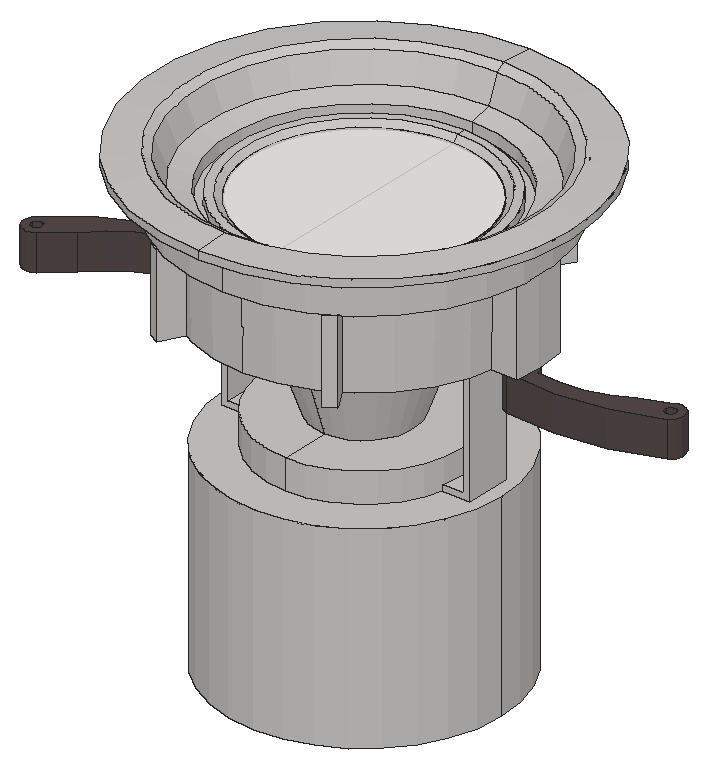
Revit family "CLighting-Luminii-Artemis_2_D", category Lighting Fixtures, host Face, Revit 2020
Family settings
  Host = Face
  Round Connector Dimension = Use Diameter
  Part Type = Normal
  OmniClass Number = 23.80.70.11.14.21
  OmniClass Title = Spots and Tracklight Specialties
  Cut with Voids When Loaded = No
  Light Source = Yes
  Shared = Yes
  Room Calculation Point = No
Parameters (values of type "Artemis 2")
  Width = 4.13"  # constant formula
  Wattage Comments = "7.4W"
  Wattage = 7.10011 W
  Warranty URL = "https://www.luminii.com/terms-conditions/"
  built-in parameter 1150110 = 1 (stored number, unit not read)
  Voltage Comments = "120V | 277V | 347V"  # constant formula
  Voltage = 120 V
  Version = "2020 - v1.0a"  # constant formula
  URL = "https://www.luminii.com/"
  built-in parameter 1114217 = 1 (stored number, unit not read)
  Tilt Angle = -90.00°  # constant formula
  built-in parameter 1150109 = 1 (stored number, unit not read)
  built-in parameter 1150134 = (empty or 0)
  built-in parameter 1150113 = 1 (stored number, unit not read)
  Support Phone = "224-699-9545"  # constant formula
  Support Email = "mailto:support@bimsmith.com"
  Product Page URL = "https://www.luminii.com/product/artemis-2-d-fl/"
  Power Source Type = "Driver"  # constant formula
  Power Factor = 1
  Photometric Web File = "AR2D-XX-A90-660-30-15-00.ies"
  Phase = 1
  Operating Temperature = "Consult Manufacturer Website for more Information"  # constant formula
  Number of Poles = if(and(or(Voltage = 120 V, Voltage = 277 V), Phase = 1), 1, if(and(or(Voltage = 208 V, Voltage = 240 V), Phase = 1), 2, if(and(or(Voltage = 208 V, Voltage = 240 V), Phase = 3), 3, if(and(Voltage > 300 V, Phase = 1), 2, if(and(Voltage > 400 V, Phase = 3), 3, 1)))))  # 1
  Mounting Method = "Recessed Ceiling Mount"  # constant formula
  Model = "AR2D"  # constant formula
  Manufacturer Phone Number = "403-216-7043"  # constant formula
  Manufacturer Email = "mailto: info@sensolighting.com"
  Manufacturer Address = "302 50 Ave SE. Calgary, Alberta, T2G 2A9 Canada"  # constant formula
  Manufacturer = "Luminii"  # constant formula
  built-in parameter 1150105 = 55.704 (stored number, unit not read)
  Lumens = 700 lm
  Luminaire Type = "Recessed LED Downlight"  # constant formula
  built-in parameter 1150115 = 1 (stored number, unit not read)
  Load Classification = Lighting
  built-in parameter 1150137 = (empty or 0)
  built-in parameter 1150139 = (empty or 0)
  Lens Material = Plastic - Luminii - Frosted Lens
  Length = 4.45"  # constant formula
  built-in parameter 1150112 = 1 (stored number, unit not read)
  built-in parameter 1150114 = 1 (stored number, unit not read)
  Lamp Life = 1
  Lamp = "LED"  # constant formula
  Keynote = "26 50 00"
  built-in parameter 1150132 = 2
  built-in parameter 1150102 = (empty or 0)
  built-in parameter 1150107 = 3500 (stored number, unit not read)
  Initial Color Comments = "Perfomance based on 3500K Photometric Web File"  # constant formula
  built-in parameter 1150138 = (empty or 0)
  built-in parameter 1150106 = 0.55704 (stored number, unit not read)
  Housing Protection Rating = "Consult Manufacturer Website for more Information"  # constant formula
  Has Dimming = 1 = 1  # yes
  Has Battery Backup = 0 = 1  # no
  Frequency Comments = ""  # constant formula
  Frequency = 60 Hz
  Finish = Metal - Luminii - Silver Anodized Aluminum
  Environment = "Indoor"  # constant formula
  built-in parameter 1150104 = 9.1593 (stored number, unit not read)
  Dimming Type = "Consult Manufacturer Website for more Information"  # constant formula
  Dimming Lamp Color Temperature Shift = <None>
  Description = "2 inch aperture downlight"  # constant formula
  Depth = 4.13"  # constant formula
  Default Elevation = 0.00"  # constant formula
  Current Amps = 50 A
  Copyright = "©2023 Luminii"  # constant formula
  Control Zone = "Consult Manufacturer Website for more Information"  # constant formula
  Control Type = "Consult Manufacturer Website for more Information"  # constant formula
  Constraints = 1  # constant formula
  Color Filter = 16777215
  built-in parameter 1114216 [instance] = 0  # (empty or 0)
  built-in parameter 1140040 [instance] = 1 = 1  # 1
  CCT = "3500K"
  built-in parameter 1114218 = 1 (stored number, unit not read)
  built-in parameter 1150133 = 10 (stored number, unit not read)
  Assembly Code = "D5020230"
  Apparent Load = Wattage / Power Factor  # 7.10011 VA
Reference planes (in)
  plane 1 "Center (Front/Back)": y = 0
  plane 2: z = 0
  plane 3 "Center (Left/Right)": x = 0
  plane 4: x = 0
  plane 5: x = 0
  plane 6: y = 2.065
  plane 7: y = -2.065
  plane 8: z = -4.51477
Forms (in)
  Extrusion 1, solid, material "Metal - Luminii - Silver Anodized Aluminum", not visible
    sketch origin (0, 0, 0) x (1, 0, 0) y (0, 1, 0)
      loop
        circle (0, 0) r 0.5
    from -4.51477 to -4.25
  Extrusion 2, void
    sketch origin (0, 1.24288, 2.36) x (0, 1, 0) y (-1, 0, 0)
      loop
        circle (-1.24288, 0) r 1.775
    from -6.87477 to -2.36
Dimensions and locks (in)
  equal spacing: plane 4, plane 3 "Center (Left/Right)", plane 5
  equal spacing: plane 6, plane 1 "Center (Front/Back)", plane 7
  plane 4 to plane 5 = 0.00"
  "Width": plane 6 to plane 7
  locked: plane 2 to imposter light at 0.34252
  plane 2 to Extrusion 2 = 4.51477"
  aligned and locked: plane 2 to host face
  aligned and locked: plane 3 "Center (Left/Right)" to Extrusion 1 sketch curve
  aligned and locked: plane 1 "Center (Front/Back)" to Extrusion 1 sketch curve
  aligned and locked: imposter light to plane 3 "Center (Left/Right)"
  aligned and locked: imposter light to plane 1 "Center (Front/Back)"
  aligned and locked: plane 3 "Center (Left/Right)" to nested 1
  aligned and locked: plane 1 "Center (Front/Back)" to nested 1
  aligned and locked: plane 3 "Center (Left/Right)" to Extrusion 2 sketch curve
  aligned and locked: plane 1 "Center (Front/Back)" to Extrusion 2 sketch curve
  aligned and locked: level to Extrusion 2
  aligned and locked: Extrusion 2 to nested 1
Automatic sketch dimensions
  host sketch curve to host sketch curve = 96.00"  (x2)
  radius of Extrusion 1 sketch curve = 0.50"
  radius of Extrusion 2 sketch curve = 1.775"
Nested families (in)
  nested 1: "Nested - Lamp" at (0, 0, 0), type "Nested - Lamp"
    with Support Position 1.3189"
Connectors (in)
  electrical at (0, 0, -4.51477), driven by "Number of Poles", driven by "Load Classification", driven by "Voltage", driven by "Apparent Load", driven by "Power Factor"
    settings: on Extrusion 1, index 1, voltage 120 V, apparent load 7.10011 VA, apparent load phase1 0 VA, apparent load phase2 0 VA, apparent load phase3 0 VA, power factor 1, load classification "Lighting", number of poles 1, system type 30, power factor state 1, is connector primary yes, connector utility no, sub classification motor no, connector description "Power Connection"
Definition of nested family "Nested - Lamp"
  Parameters (values of type "Nested - Lamp")
    Support Position = 0.46457"
    Screen Material = none
    Finish = none
    Default Elevation = 48.00"
    Constraint = 1
    20IN = Constraint = 4  # no
    16IN = Constraint = 3  # no
    12IN = Constraint = 2  # no
    10IN = Constraint = 1  # yes
  Reference planes (in)
    plane 1 "Center (Front/Back)": y = 0
    plane 2: z = 0
    plane 3 "Center (Left/Right)": x = 0
    plane 4: z = -0.8189
  Forms (in)
    Extrusion 1, solid
      sketch origin (0, 0, 0) x (1, 0, 0) y (0, 1, 0)
        loop
          line (-48, 48) -> (-48, -48) -> (48, -48) -> (48, 48) -> (-48, 48)
      from 0 to -12
    Revolve 2, solid, material <- "Finish"
      sketch origin (0, 0, -8.94014) x (0, 1, 0) y (0, 0, 1)
        loop
          line (0, 8.58814) -> (0, 6.39388) -> (0.98387, 6.39388) -> (0.98387, 6.68916) -> (0.49139, 6.68916) -> (1.10821, 8.42899) -> (1.10821, 8.58814) -> (0, 8.58814)
        axis (0, 8.58814) -> (0, 6.39388)
      angle from 0 to 360
    Revolve 3, solid, material <- "Finish"
      sketch origin (0, 0, 0.09843) x (0, 1, 0) y (0, 0, 1)
        loop
          line (-1.76361, -0.52362) -> (-1.5349, -0.52362) -> (-1.51606, -1.35039) -> (-1.44476, -1.35039) -> (-1.44476, -0.6811) -> (-1.10821, -0.6811) -> (-1.10821, -0.45042) -> (-1.17581, -0.3937) -> (-1.25567, -0.3937) -> (-1.2598, -0.47244) -> (-1.34397, -0.47244) -> (-1.34783, -0.36199) -> (-1.5545, -0.30662) -> (-1.65937, -0.04705) -> (-1.74224, 0.0008) -> (-2.06709, -0.02192) -> (-2.06709, -0.09843) -> (-1.7733, -0.09843) -> (-1.76361, -0.52362)
        axis (0, 0.0008) -> (0, -1.35039)
      angle from 0 to 360
    Extrusion 4, solid, material <- "Finish", detail levels medium+fine
      sketch origin (0, 0, 0.09843) x (1, 0, 0) y (0, 1, 0)
        loop
          arc (-0.93604, -1.49471) -> (-0.8818, -1.52733) -> (-0.82644, -1.55799) r 1.76361
          line (-0.82644, -1.55799) -> (-0.70831, -1.34042)
          arc (-0.70831, -1.34042) -> (-0.75803, -1.31294) -> (-0.80668, -1.28362) r 1.51606
          line (-0.80668, -1.28362) -> (-0.93604, -1.49471)
        loop
          line (0.70831, -1.34042) -> (0.82644, -1.55799)
          arc (0.82644, -1.55799) -> (0.8818, -1.52733) -> (0.93604, -1.49471) r 1.76361
          line (0.93604, -1.49471) -> (0.80668, -1.28362)
          arc (0.80668, -1.28362) -> (0.75803, -1.31294) -> (0.70831, -1.34042) r 1.51606
        loop
          line (1.4911, -0.27393) -> (1.74221, -0.27393)
          arc (1.74221, -0.27393) -> (1.76361, -0.00232) -> (1.74292, 0.26934) r 1.76361
          line (1.74292, 0.26934) -> (1.49194, 0.26934)
          arc (1.49194, 0.26934) -> (1.51605, -0.00233) -> (1.4911, -0.27393) r 1.51606
        loop
          line (0.80668, 1.28362) -> (0.93604, 1.49471)
          arc (0.93604, 1.49471) -> (0.8818, 1.52733) -> (0.82644, 1.55799) r 1.76361
          line (0.82644, 1.55799) -> (0.70831, 1.34042)
          arc (0.70831, 1.34042) -> (0.75803, 1.31294) -> (0.80668, 1.28362) r 1.51606
        loop
          line (-0.70831, 1.34042) -> (-0.82644, 1.55799)
          arc (-0.82644, 1.55799) -> (-0.8818, 1.52733) -> (-0.93604, 1.49471) r 1.76361
          line (-0.93604, 1.49471) -> (-0.80668, 1.28362)
          arc (-0.80668, 1.28362) -> (-0.75803, 1.31294) -> (-0.70831, 1.34042) r 1.51606
        loop
          line (-1.74106, -0.28114) -> (-1.48976, -0.28114)
          arc (-1.48976, -0.28114) -> (-1.51605, -0.00367) -> (-1.4911, 0.27393) r 1.51606
          line (-1.4911, 0.27393) -> (-1.74221, 0.27393)
          arc (-1.74221, 0.27393) -> (-1.76361, -0.00365) -> (-1.74106, -0.28114) r 1.76361
      from -1.35039 to -0.52362
    Extrusion 5, solid, material <- "Finish", detail levels medium+fine
      sketch origin (0, 0, 0.09843) x (1, 0, 0) y (0, 0, 1)
        loop
          line (-1.18019, -2.58563) -> (-1.18019, -0.97146) -> (-1.23925, -0.97146) -> (-1.23925, -2.64469) -> (1.23925, -2.64469) -> (1.23925, -0.97146) -> (1.18019, -0.97146) -> (1.18019, -2.58563) -> (-1.18019, -2.58563)
      from -0.22638 to 0.22638
    Extrusion 6, solid, material <- "Finish", detail levels medium+fine
      sketch origin (0, 0, 0.09843) x (1, 0, 0) y (0, 1, 0)
        loop
          circle (0, 0) r 1.37795
      from -4.61319 to -2.64469
    Extrusion 7, solid, detail levels medium+fine
      sketch origin (0, 0, 0.09843) x (1, 0, 0) y (0, 1, 0)
        loop
          circle (-1.57814, -0.00252) r 0.06846
        loop
          arc (-1.71208, -0.06399) -> (-1.45232, -0.07926) -> (-1.5848, 0.1447) r 0.14737
          arc (-1.5848, 0.1447) -> (-2.28658, -0.08042) -> (-2.89319, -0.49899) r 2.51953
          arc (-2.89319, -0.49899) -> (-2.89826, -0.67734) -> (-2.72063, -0.69409) r 0.13051
          line (-2.72063, -0.69409) -> (-2.47387, -0.48703)
          arc (-2.47387, -0.48703) -> (-2.13099, -0.20704) -> (-1.71208, -0.06399) r 1.2511
        loop
          circle (-2.80051, -0.59088) r 0.05302
        loop
          circle (1.57814, -0.00252) r 0.06846
        loop
          arc (1.72452, 0.01454) -> (1.48219, 0.10934) -> (1.53898, -0.1446) r 0.14737
          arc (1.53898, -0.1446) -> (2.27598, -0.14735) -> (2.98224, 0.06327) r 2.51953
          arc (2.98224, 0.06327) -> (3.04218, 0.23132) -> (2.87842, 0.30214) r 0.13051
          line (2.87842, 0.30214) -> (2.57975, 0.18147)
          arc (2.57975, 0.18147) -> (2.16714, 0.02115) -> (1.72452, 0.01454) r 1.2511
        loop
          circle (2.92249, 0.1793) r 0.05302
      from -0.91732 to -0.56299
    Extrusion 8, solid, material <- "Screen Material"
      sketch origin (0, 0, -0.40157) x (-1, 0, 0) y (0, 1, 0)
        loop
          circle (0, 0) r 1.10821
      from -0.04958 to -0.05906
  Lines and regions (in)
    reference lines
      curve 1: line (0, 4.96412, -0.46457) -> (0, -4.4847, -0.46457)
      curve 2: line (0, 4.35551, -0.8189) -> (0, -3.9122, -0.8189)
      curve 3: line (0, 3.85327, -0.4252) -> (0, -3.69299, -0.4252)
  Dimensions and locks (in)
    locked: curve 2 to curve 1 at 0.35433
    locked: plane 2 to curve 3 at 0.4252
    "Support Position": level to curve 1
    level to curve 3 = 0.4252"
    aligned and locked: plane 2 to Extrusion 1
    aligned and locked: level to Extrusion 1
    aligned and locked: Extrusion 7 to curve 1
    aligned and locked: curve 2 to Extrusion 7
  Automatic sketch dimensions
    Extrusion 1 sketch curve to Extrusion 1 sketch curve = 96.00"  (x2)
    Revolve 3 sketch curve to level = 0.00"
    Revolve 3 sketch curve to plane 1 "Center (Front/Back)" = 0.00"
    Revolve 3 sketch curve to level = 0.29528"
    plane 1 "Center (Front/Back)" to Revolve 3 sketch curve = 1.17581"
    Revolve 3 sketch curve to Revolve 3 sketch curve = 0.07986"
    Revolve 3 sketch curve to Revolve 3 sketch curve = 0.00413"
    Revolve 3 sketch curve to level = 0.37402"
    Revolve 3 sketch curve to Revolve 3 sketch curve = 0.08418"
    Revolve 3 sketch curve to level = 0.26357"
    Revolve 3 sketch curve to Revolve 3 sketch curve = 0.09216"
    Revolve 3 sketch curve to Revolve 3 sketch curve = 0.10078"
    Revolve 3 sketch curve to Revolve 3 sketch curve = 0.0713"
    Revolve 3 sketch curve to Revolve 3 sketch curve = 0.09015"
    Revolve 3 sketch curve to level = 0.20819"
    Revolve 3 sketch curve to Revolve 3 sketch curve = 0.20666"
    level to Revolve 3 sketch curve = 0.05138"
    Revolve 3 sketch curve to Revolve 3 sketch curve = 0.10487"
    level to Revolve 3 sketch curve = 0.09922"
    Revolve 3 sketch curve to Revolve 3 sketch curve = 0.08287"
    Revolve 3 sketch curve to Revolve 3 sketch curve = 0.22871"
    Revolve 3 sketch curve to Revolve 3 sketch curve = 0.03106"
    level to Revolve 3 sketch curve = 0.07651"
    Revolve 3 sketch curve to Revolve 3 sketch curve = 0.29378"
    Revolve 3 sketch curve to Revolve 3 sketch curve = 0.05118"
    Revolve 3 sketch curve to Revolve 3 sketch curve = 0.15748"
    Revolve 3 sketch curve to Revolve 3 sketch curve = 0.66929"
    Revolve 3 sketch curve to Revolve 3 sketch curve = 0.15159"
    Revolve 3 sketch curve to level = 0.352"
    level to Revolve 3 sketch curve = 0.65154"
    Revolve 3 sketch curve to Revolve 3 sketch curve = 0.63736"
    plane 1 "Center (Front/Back)" to Extrusion 6 sketch curve = 0.00"
    Extrusion 6 sketch curve to plane 3 "Center (Left/Right)" = 0.00"
    Extrusion 4 sketch curve to Extrusion 4 sketch curve = 0.00"  (x22)
    plane 1 "Center (Front/Back)" to Extrusion 4 sketch curve = 0.00"
    Extrusion 4 sketch curve to plane 3 "Center (Left/Right)" = 0.00"
    Extrusion 4 sketch curve to Extrusion 4 sketch curve = 0.11813"  (x4)
    Extrusion 4 sketch curve to Extrusion 4 sketch curve = 0.09837"  (x4)
    Extrusion 4 sketch curve to Extrusion 4 sketch curve = 0.1096"  (x4)
    Extrusion 4 sketch curve to plane 1 "Center (Front/Back)" = 0.27393"
    Extrusion 4 sketch curve to Extrusion 4 sketch curve = 0.00134"
    Extrusion 4 sketch curve to Extrusion 4 sketch curve = 0.2511"  (x2)
    Extrusion 4 sketch curve to Extrusion 4 sketch curve = 0.68442"
    Extrusion 4 sketch curve to plane 1 "Center (Front/Back)" = 0.26934"
    Extrusion 4 sketch curve to Extrusion 4 sketch curve = 0.00084"
    Extrusion 4 sketch curve to Extrusion 4 sketch curve = 0.25098"
    Extrusion 4 sketch curve to Extrusion 4 sketch curve = 0.27436"
    Extrusion 4 sketch curve to Extrusion 4 sketch curve = 0.0568"  (x4)
    Extrusion 4 sketch curve to Extrusion 4 sketch curve = 0.06328"  (x4)
    Extrusion 4 sketch curve to Extrusion 4 sketch curve = 0.2513"
    Extrusion 4 sketch curve to Extrusion 4 sketch curve = 0.5559"
    Extrusion 4 sketch curve to Extrusion 4 sketch curve = 0.55507"
    Extrusion 5 sketch curve to plane 3 "Center (Left/Right)" = 1.23925"
    Extrusion 5 sketch curve to Extrusion 5 sketch curve = 0.05906"  (x3)
    plane 3 "Center (Left/Right)" to Extrusion 5 sketch curve = 1.18019"
    Extrusion 5 sketch curve to level = 2.54626"
    Extrusion 5 sketch curve to level = 0.87303"  (x2)
    Revolve 2 sketch curve to plane 1 "Center (Front/Back)" = 0.00"  (x2)
    Revolve 2 sketch curve to plane 1 "Center (Front/Back)" = 0.98387"
    Revolve 2 sketch curve to level = 0.51115"
    Revolve 2 sketch curve to plane 1 "Center (Front/Back)" = 1.10821"
    Revolve 2 sketch curve to Revolve 2 sketch curve = 1.73984"
    Revolve 2 sketch curve to Revolve 2 sketch curve = 0.29528"
    Revolve 2 sketch curve to Revolve 2 sketch curve = 0.15915"
    Revolve 2 sketch curve to plane 1 "Center (Front/Back)" = 0.49139"
    Revolve 2 sketch curve to Revolve 2 sketch curve = 0.63469"
    level to Revolve 2 sketch curve = 0.55921"
    Extrusion 7 sketch curve to Extrusion 7 sketch curve = 0.00"  (x8)
    plane 1 "Center (Front/Back)" to Extrusion 7 sketch curve = 0.59088"
    Extrusion 7 sketch curve to plane 3 "Center (Left/Right)" = 2.80051"
    plane 1 "Center (Front/Back)" to Extrusion 7 sketch curve = 0.69409"
    Extrusion 7 sketch curve to Extrusion 7 sketch curve = 0.07987"
    plane 1 "Center (Front/Back)" to Extrusion 7 sketch curve = 0.48703"
    Extrusion 7 sketch curve to Extrusion 7 sketch curve = 0.24677"
    plane 1 "Center (Front/Back)" to Extrusion 7 sketch curve = 0.00252"  (x2)
    Extrusion 7 sketch curve to Extrusion 7 sketch curve = 0.89573"
    Extrusion 7 sketch curve to Extrusion 7 sketch curve = 0.95027"
    Extrusion 7 sketch curve to Extrusion 7 sketch curve = 0.34926"
    plane 3 "Center (Left/Right)" to Extrusion 7 sketch curve = 1.57814"
    plane 3 "Center (Left/Right)" to Extrusion 7 sketch curve = 1.91679"
    Extrusion 7 sketch curve to Extrusion 7 sketch curve = 0.01067"
    Extrusion 7 sketch curve to plane 1 "Center (Front/Back)" = 0.18147"
    Extrusion 7 sketch curve to Extrusion 7 sketch curve = 1.00161"
    Extrusion 7 sketch curve to plane 1 "Center (Front/Back)" = 0.30214"
    Extrusion 7 sketch curve to Extrusion 7 sketch curve = 0.29867"
    Extrusion 7 sketch curve to Extrusion 7 sketch curve = 0.04407"
    Extrusion 7 sketch curve to Extrusion 7 sketch curve = 0.81378"
    Extrusion 7 sketch curve to Extrusion 7 sketch curve = 1.04036"
    Extrusion 7 sketch curve to Extrusion 7 sketch curve = 0.12284"
    Extrusion 7 sketch curve to plane 1 "Center (Front/Back)" = 1.24908"
    Extrusion 7 sketch curve to Extrusion 7 sketch curve = 1.09737"
    Extrusion 7 sketch curve to Extrusion 7 sketch curve = 0.09268"
    plane 1 "Center (Front/Back)" to Extrusion 7 sketch curve = 0.06399"
    Extrusion 7 sketch curve to Extrusion 7 sketch curve = 0.03916"
    Extrusion 7 sketch curve to plane 1 "Center (Front/Back)" = 0.01454"
    plane 1 "Center (Front/Back)" to Extrusion 8 sketch curve = 0.00"
    Extrusion 8 sketch curve to plane 3 "Center (Left/Right)" = 0.00"
    plane 1 "Center (Front/Back)" to curve 1 = 4.4847"
    curve 1 to curve 2 = 0.5725"
    curve 2 to curve 3 = 0.21922"
    curve 3 to plane 1 "Center (Front/Back)" = 3.85327"
    curve 3 to curve 2 = 0.50225"
    curve 2 to curve 1 = 0.6086"
    radius of Extrusion 6 sketch curve = 1.37795"
    radius of Extrusion 7 sketch curve = 0.06846"  (x2)
    radius of Extrusion 7 sketch curve = 0.05302"  (x2)
    radius of Extrusion 8 sketch curve = 1.10821"
